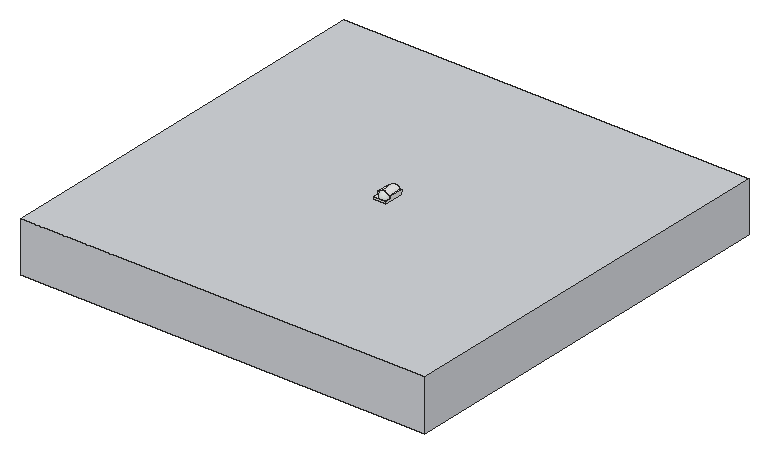
Revit family "Legrand_Lighting_Management_Standalone_Motion_Sensor_140D_Wall", category Dispositifs d'éclairage, Revit 2020
Family settings
  Hôte = Face
  Conserver l'orientation des annotations = Oui
  Cote de connecteur circulaire = Utiliser le diamètre
  Type d'élément = Normal
  Couper avec des vides une fois chargée = Non
  Partagée = Non
  Point de calcul de pièce = Non
Parameters
  Voltage type = "AC"
  URL = "http://www.legrandoc.com/048942"
  Temperature (MIN) (°C) = -5
  Temperature (MAX) (°C) = 45
  Suitable for wireless transmission = "no"
  Substation input = "no"
  Response value sensitivity adjustable = "no"
  Response value luminosity adjustable = "yes"
  Response value luminosity (MIN) (lx) = 10
  Response value luminosity (MAX) (lx) = 1275
  Remote operation = "no"
  RAL-number (akin) = "9003"
  Product ID = "048942"
  Nominal voltage (V) = "230"
  Mounting method = "Surface mounted (plaster)"
  Model = "Movement sensor"
  Min. switch-on time (s) = "10"
  Maximum mounting height (m) = "2.5"
  Max. switching power (W) = 1000
  Max. starting current (A) = "4.3"
  Max. duty cycle (mn) = "16"
  Label [instance] = no
  Indication distance [instance] = 8 mm
  Image du type = PH5.jpg
  HVAC-control = "no"
  General Conditions of Use = "https://export.legrand.com/en/terms-of-use-BIM-objects"
  Frequency (MIN) (Hz) = 50
  Frequency (MAX) (Hz) = 60
  Forced switch off = "no"
  Fabricant = "LEGRAND"
  Elévation par défaut = 2500 mm
  ETIM-5.0 Class = "EC000133"
  Dim function with dimmer basic element = "no"
  Detection zone [instance] = no
  Detection angle horizontal (MIN) (°) = 0
  Detection angle horizontal (MAX) (°) = 180
  Description = "PIR MOTION SENSOR 140 DEGREES WALL SURFACE MOUNT IP42"
  Degree of protection (IP) = "IP42"
  Constant light control = "yes"
  Colour = "White"
  Code d'assemblage = "D5010200"
  Alarm function = "no"
Reference planes
  plane 1 "Centre (avant/arrière)": y = 0
  plane 2: z = 0
  plane 3 "Centre (gauche/droite)": x = 0
Forms (mm)
  Extrusion 1, solid
    sketch origin (0, 0, 0) x (1, 0, 0) y (0, 1, 0)
      loop
        line (-1219.2, 1219.2) -> (-1219.2, -1219.2) -> (1219.2, -1219.2) -> (1219.2, 1219.2) -> (-1219.2, 1219.2)
    from 0 to -304.8
Dimensions and locks
  aligned and locked: plane 2 to Extrusion 1
  aligned and locked: level to Extrusion 1
Nested families
  nested 1: "048942" at (0, 0, 0), type "048942"
  nested 2: "Zone de detection 8mx8m- plan" at (0, 0, 0) x (0, 0, 1) z (0, -1, 0), visible <- "Detection zone", type "Zone de detection 8mx8m- plan"
  nested 3: "Symbole D" at (0, 23.5, 0), type "Symbole D"
  nested 4: "Détection 140° EN" at (0, 222.463, 0), visible <- "Label", Indication distance <- "Indication distance", type "Détection 140° EN"
    with Indication distance 8 mm
Connectors
  electrical at (0, 21, 0)
    settings: on nested 1, index 1, voltage 230 V, apparent load 0 VA, apparent load phase1 0 VA, apparent load phase2 0 VA, apparent load phase3 0 VA, power factor 1, load classification "Autre", number of poles 1, system type 31, power factor state 1, is connector primary yes, connector utility no, sub classification motor no, connector description ""
Definition of nested family "048942"
  Parameters (values of type "048942")
    built-in parameter 1140140 [instance] = 1 (stored number, unit not read)
    Default Elevation = 0 mm
    built-in parameter 1140142 [instance] = -1
    built-in parameter 1155100 [instance] = -1
  Reference planes
    plane 1 "Centre (avant/arrière)": y = 0
    plane 2: z = 0
    plane 3 "Centre (gauche/droite)": x = 0
  Forms (mm)
    Revolve 1, solid
      sketch origin (0, -33.5, 10) x (1, 0, 0) y (0, 1, 0)
        loop
          arc (-30.39, 33.5) -> (-19.963, 14.957) -> (0, 7.605) r 30.78
          line (0, 7.605) -> (0, 33.5) -> (-30.39, 33.5)
        axis (0, 33.5) -> (0, 7.605)
      angle from -180 to 0
    Extrusion 2, solid
      sketch origin (0, -33.5, 0) x (0, 0, -1) y (0, 1, 0)
        loop
          line (-26.058, 114) -> (-26.058, 33.5) -> (-10, 33.5) -> (-10, 0) -> (0, 0) -> (0, 109) -> (-15.894, 109) -> (-15.894, 114) -> (-26.058, 114)
      from -38.5 to 38.5
    Extrusion 3, solid
      sketch origin (0, -33.5, 0) x (1, 0, 0) y (0, 0, -1)
        loop
          arc (-28.129, -26.058) -> (0, -42.39) -> (28.129, -26.058) r 32.39
          line (28.129, -26.058) -> (-28.129, -26.058)
      from 33.5 to 114
  Cuts and joins
    joined: Extrusion 2, Extrusion 3
  Dimensions and locks
    aligned and locked: level to plane 2
Definition of nested family "Zone de detection 8mx8m- plan"
  Reference planes
    plane 1 "Centre (avant/arrière)": y = 0
    plane 2: z = 0
    plane 3 "Centre (gauche/droite)": x = 0
  Lines and regions (mm)
    detail lines, in view "Niveau de réf."
      curve 1: line (0, 0, 0) -> (721.302, 3710.78, 0)
      curve 2: arc (721.302, 3710.78, 0) -> (2441.116, 3995.524, 0) -> (4177.517, 3841.424, 0) r 6919.682
      curve 3: arc (4177.517, 3841.424, 0) -> (5129.358, 3552.591, 0) -> (6023.197, 3116.154, 0) r 6238.805
      curve 4: arc (7539.88, 1630.18, 0) -> (6874.01, 2467.549, 0) -> (6023.197, 3116.154, 0) r 4331.154
      curve 5: arc (7539.88, 1630.18, 0) -> (7881.502, 846.673, 0) -> (7998.686, 0, 0) r 3133.455
      curve 6: line (0, 0, 0) -> (721.302, -3710.78, 0)
      curve 7: arc (721.302, -3710.78, 0) -> (2441.116, -3995.524, 0) -> (4177.517, -3841.424, 0) r 6919.682
      curve 8: arc (4177.517, -3841.424, 0) -> (5129.358, -3552.591, 0) -> (6023.197, -3116.154, 0) r 6238.805
      curve 9: arc (7539.88, -1630.18, 0) -> (6874.01, -2467.549, 0) -> (6023.197, -3116.154, 0) r 4331.154
      curve 10: arc (7539.88, -1630.18, 0) -> (7881.502, -846.673, 0) -> (7998.686, 0, 0) r 3133.455
Definition of nested family "Symbole D"
  Reference planes
    plane 1: y = 0
    plane 2: x = 0
  Lines and regions (mm)
    detail lines
      curve 1: spline (0.481, 2.356, 0) -> (0.429, 2.16, 0) -> (0.363, 1.989, 0) -> (0.285, 1.851, 0) -> (0.199, 1.748, 0) -> (0.106, 1.685, 0) -> (0.01, 1.664, 0) -> (-0.085, 1.685, 0) -> (-0.178, 1.748, 0) -> (-0.264, 1.851, 0) -> (-0.342, 1.989, 0) -> (-0.408, 2.16, 0) -> (-0.46, 2.356, 0)
      curve 2: arc (0.821, 3.072, 0) -> (-0.004, 3.293, 0) -> (-0.828, 3.072, 0) r 1.643
      curve 3: arc (-0.64, 2.774, 0) -> (0.004, 2.96, 0) -> (0.648, 2.774, 0) r 1.213
      curve 4: arc (-1.023, 3.436, 0) -> (0.005, 3.717, 0) -> (1.032, 3.436, 0) r 2.018
      curve 5: line (-1.042, 0.262, 0) -> (1.042, 0.262, 0)
      curve 6: arc (-0.945, 0.262, 0) -> (0, 1.008, 0) -> (0.945, 0.262, 0) r 0.972
      curve 7: line (-1.042, 0.262, 0) -> (-1.042, 0, 0)
      curve 8: line (-1.042, 0, 0) -> (1.042, 0, 0)
      curve 9: line (1.042, 0, 0) -> (1.042, 0.262, 0)
  Text (mm)
    text "IR" at (0.939, 0.64, 0)
  Dimensions and locks
    aligned and locked: plane 2 to curve 6
    aligned and locked: plane 1 to curve 8
Definition of nested family "Détection 140° EN"
  Parameters (values of type "Détection 140° EN")
    Indication distance [instance] = 0 mm
  Reference planes
    plane 1: y = 0
    plane 2: x = 0
  Text (mm)
    label "140°, Indication distancem front detection at 2.5m height" at (-0.885, 0.234, 0), shows "Indication distance"
